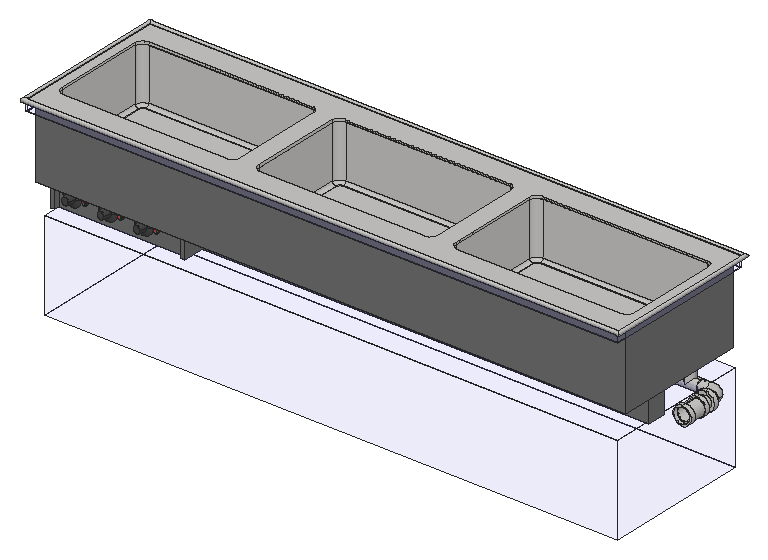
Revit family "QF_Vollrath_3664230_cat", category Specialty Equipment, Revit 2016
Family settings
  Part Type = Normal
  Round Connector Dimension = Use Radius
  OmniClass Number = 23.40.40.14.14
  OmniClass Title = Food Preparation Equipment
  Work Plane-Based = No
  Always vertical = Yes
  Cut with Voids When Loaded = No
  Shared = No
  Room Calculation Point = No
Parameters
  Width = 5' - 6 7/8"
  Weight in Pounds = 0
  Watts = 0 W
  Waste Water Discharge Temperature [instance] = -459.67 °F
  Volts = 0 V
  URL Cutsheet = ""
  URL = "www.vollrathco.com"
  Status [instance] = ""
  Specification by User [instance] = ""
  Specification by Manufacturer [instance] = ""
  Serial Number [instance] = ""
  Seismic Rating [instance] = ""
  SMACNA No [instance] = ""
  Revision Code [instance] = ""
  Remote Control Box [instance] = no
  Pnet Number = ""
  Plumbing Remarks [instance] = ""
  Plumbing Connection Type [instance] = ""
  Phase = 0
  Number of Poles = 1
  NAFEM Spec ID Number [instance] = ""
  Mounted Control Box [instance] = not(Remote Control Box)  # yes
  Model = "-"
  Masterspec [instance] = ""
  Manufacturer1 = ""
  Manufacturer Model = ""
  Manufacturer = "Vollrath"
  Length = 0' - 0"
  Legend Number = ""
  Item Number [instance] = "-"
  Item Description = ""
  Installed By [instance] = ""
  Indirect Waste Size = 1"
  Indirect Waste Flow [instance] = 0.00 GPM
  Indirect Waste Connection Type [instance] = ""
  Indirect Waste Connection Height [instance] = Height AFF - 1' 0 3/16"  # 1' - 11 13/16"
  Height AFF [instance] = 3' - 0"
  Height = 1' - 9"
  Furnished By [instance] = ""
  Foodservice Equipment Identifier [instance] = yes
  FL Amps = 0 A
  Electrical Remarks [instance] = ""
  Electric Connection Type [instance] = ""
  Elec Conn RI Height [instance] = 0' - 0"
  Elec Conn Connection Height [instance] = Height AFF - 0' 10"  # 2' - 2"
  EQUIPMENT MARK = ""
  EQUIPMENT DESCRIPTION = ""
  Description = "Short Side Hot Drop-in"
  Depth = 1' - 6"
  Cycle = 60 Hz
  Conn Plug = "-"
  CSI MasterFormat = "11 42 00"
  Auto Fill = no
  Assembly Code = "E1090320"
  Apparent Power = if(Phase = 3, Volts * FL Amps * 1.73, Volts * FL Amps)  # 0 VA
  Actual Weight = 0
  AF Watts = 16 W
  AF Waste Water Discharge Temperature [instance] = -459.67 °F
  AF Volts = 120 V
  AF Plumbing Remarks [instance] = ""
  AF Plumbing Connection Type [instance] = ""
  AF Phase = 1
  AF Number of Poles [instance] = 1
  AF Item Number [instance] = "-"
  AF Indirect Waste Size = 3/8"
  AF Indirect Waste Flow [instance] = 0.00 GPM
  AF Indirect Waste Connection Type [instance] = ""
  AF Indirect Waste Connection Height [instance] = Height AFF - 0' 2 1/2"  # 2' - 9 1/2"
  AF FL Amps = 0.2 A
  AF Electrical Remarks [instance] = ""
  AF Electric Connection Type [instance] = ""
  AF Elec Conn RI Height [instance] = 0' - 0"
  AF Elec Conn Connection Height [instance] = 2' - 6"
  AF Cycle = 60 Hz
  AF Conn Plug = "NEMA 5-15P"
  AF Cold Water Temperature Recommended [instance] = -459.67 °F
  AF Cold Water Size = 3/8"
  AF Cold Water RI Height [instance] = 0' - 0"
  AF Cold Water Minimum Pressure [instance] = 0.00 psi
  AF Cold Water Maximum Pressure [instance] = 0.00 psi
  AF Cold Water Flow [instance] = 0.00 GPM
  AF Cold Water Consumption [instance] = ""
  AF Cold Water Connection Height [instance] = Height AFF - 0' 8"  # 2' - 4"
  AF Apparent Power = AF Volts * AF FL Amps  # 24 VA
Reference planes (in)
  plane 1 "BACK": y = 0
  plane 2: z = 0
  plane 3 "LEFT": x = -15.489587
  plane 4 "RIGHT": x = 51.385413
  plane 5 "FRONT": y = -18
  plane 6 "Table Top": z = 36
  plane 7 "TOP": z = 36.375
  plane 8: y = -3
  plane 9: y = -15
  plane 10: x = -13.989587
  plane 11: x = 6.010413
  plane 12 "Bottom of Well": z = 29.625
  plane 13 "Bottom of Well Cover": z = 27.5
  plane 14: y = -1.5
  plane 15: y = -16.5
  plane 16: x = -14.989587
  plane 17: x = 50.885413
  plane 18 "Standard Drain": z = 23.75
  plane 19 "Drain FB": x = 4.010413
  plane 20 "Drain LR": y = -4
  plane 21: z = 24.5
  plane 22: z = 21.5
  plane 23 "Back of Panel": y = -12.5
  plane 24: y = -10.5
  plane 25: x = -14.489587
  plane 26: x = 50.322913
  plane 27 "Manifold Drain Top": z = 24.25
  plane 28 "Front of Panel": y = -14.5
  plane 29: x = 0.510413
  plane 30: x = 8.010413
  plane 31: x = 28.010413
  plane 32: x = 26.010413
  plane 33: x = 30.010413
  plane 34: x = 50.010413
  plane 35: x = 48.010413
  plane 36: z = 14.5
Forms (in)
  Sweep 1, solid, material "QF_Finishes_Stainless Steel"
    path origin (0, 0, 36) x (0, 1, 0) y (-1, 0, 0)
      loop
        line (0, 15.489587) -> (-18, 15.489587) -> (-18, -51.385413) -> (0, -51.385413) -> (0, 15.489587)
    profile origin (17.947913, 0, 36) x (0, 1, 0) y (0, 0, 1)
      loop
        line (-0.3712117, 0) -> (-0.1875, 0)
        arc (-0.1875, 0) -> (-0.0422631, 0.3060854) -> (-0.3712117, 0.225) r 0.1875
        line (-0.3712117, 0.225) -> (-0.3712117, 0)
  Sweep 2, solid, material "QF_Finishes_Stainless Steel"
    path origin (0, 0, 36) x (0, 1, 0) y (-1, 0, 0)
      loop
        arc (-3, 13.114587) -> (-3.2562816, 13.7333055) -> (-3.875, 13.989587) r 0.875
        line (-3.875, 13.989587) -> (-14.125, 13.989587)
        arc (-14.125, 13.989587) -> (-14.7437184, 13.7333055) -> (-15, 13.114587) r 0.875
        line (-15, 13.114587) -> (-15, -5.135413)
        arc (-15, -5.135413) -> (-14.7437184, -5.7541314) -> (-14.125, -6.010413) r 0.875
        line (-14.125, -6.010413) -> (-3.875, -6.010413)
        arc (-3.875, -6.010413) -> (-3.2562816, -5.7541314) -> (-3, -5.135413) r 0.875
        line (-3, -5.135413) -> (-3, 13.114587)
    profile origin (-3.989587, -3, 36) x (0, 1, 0) y (0, 0, 1)
      loop
        line (0, 0) -> (0, -5.875)
        arc (0, -5.875) -> (-0.109835, -6.140165) -> (-0.375, -6.25) r 0.375
        line (-0.375, -6.25) -> (-0.375, -6.375)
        arc (-0.375, -6.375) -> (-0.0214466, -6.2285534) -> (0.125, -5.875) r 0.5
        line (0.125, -5.875) -> (0.125, 0) -> (0, 0)
  Extrusion 3, solid, material "QF_Finishes_Stainless Steel"
    sketch origin (0, 0, 29.625) x (0, 1, 0) y (-1, 0, 0)
      loop
        arc (-3.375, 13.114587) -> (-3.5214466, 13.4681404) -> (-3.875, 13.614587) r 0.5
        line (-3.875, 13.614587) -> (-14.125, 13.614587)
        arc (-14.125, 13.614587) -> (-14.4785534, 13.4681404) -> (-14.625, 13.114587) r 0.5
        line (-14.625, 13.114587) -> (-14.625, -5.135413)
        arc (-14.625, -5.135413) -> (-14.4785534, -5.4889664) -> (-14.125, -5.635413) r 0.5
        line (-14.125, -5.635413) -> (-3.875, -5.635413)
        arc (-3.875, -5.635413) -> (-3.5214466, -5.4889664) -> (-3.375, -5.135413) r 0.5
        line (-3.375, -5.135413) -> (-3.375, 13.114587)
      loop
        circle (-4, -4.010413) r 0.5
    from 0 to 0.125
  Extrusion 4, solid, material "QF_Finishes_Dark Grey"
    sketch origin (0, 0, 27.5) x (0, 1, 0) y (-1, 0, 0)
      loop
        line (-1.625, 14.864587) -> (-16.375, 14.864587) -> (-16.375, -50.760413) -> (-1.625, -50.760413) -> (-1.625, 14.864587)
      loop
        circle (-4, -4.010413) r 0.5
      loop
        circle (-4, -26.010413) r 0.5
    from 0 to 0.125
  Extrusion 5, solid, material "QF_Finishes_Dark Grey"
    sketch origin (0, 0, 27.5) x (0, 1, 0) y (-1, 0, 0)
      loop
        line (-1.5, 14.989587) -> (-16.5, 14.989587) -> (-16.5, -50.885413) -> (-1.5, -50.885413) -> (-1.5, 14.989587)
      loop
        line (-1.625, 14.864587) -> (-16.375, 14.864587) -> (-16.375, -50.760413) -> (-1.625, -50.760413) -> (-1.625, 14.864587)
    from 0 to 8.5
  Extrusion 6, solid, material "QF_Finishes_Stainless Steel"
    sketch origin (0, 0, 27.5) x (0, 1, 0) y (-1, 0, 0)
      loop
        circle (-4, -4.010413) r 0.5
      loop
        circle (-4, -4.010413) r 0.625
    from -3.25 to 2.125
  Extrusion 7, solid, material "QF_Finishes_Dark Grey"
    sketch origin (-15.489587, 0, 0) x (0, 1, 0) y (0, 0, 1)
      loop
        line (-10.5, 27.5) -> (-12.5, 27.5) -> (-12.5, 24.5) -> (-10.5, 24.5) -> (-10.5, 27.5)
    from 1 to 65.8125
  Extrusion 8, solid, material "QF_Finishes_Dark Grey", visible <- "Mounted Control Box"
    sketch origin (0, 0, 27.5) x (0, 1, 0) y (-1, 0, 0)
      loop
        line (-12.5, 14.489587) -> (-15, 14.489587) -> (-15, 13.989587) -> (-14.5, 13.989587) -> (-14.5, -0.010413) -> (-15, -0.010413) -> (-15, -0.510413) -> (-12.5, -0.510413) -> (-12.5, 14.489587)
    from 0 to -3
  Blend 9, solid, material "QF_Finishes_Black", visible <- "Mounted Control Box"
    base sketch origin (-16, -14.5, 0) x (-1, 0, 0) y (0, 0, 1)
      loop
        circle (-3.510413, 26) r 1
    top sketch origin (-16, -14.5, 0) x (-1, 0, 0) y (0, 0, 1)
      loop
        circle (-3.510413, 26) r 0.5
    from 0 to -0.25
  Blend 10, solid, material "QF_Finishes_Black", visible <- "Mounted Control Box"
    base sketch origin (-16, -14.5, 0) x (-1, 0, 0) y (0, 0, 1)
      loop
        circle (-3.510413, 26) r 0.5
    top sketch origin (-16, -14.5, 0) x (-1, 0, 0) y (0, 0, 1)
      loop
        circle (-3.510413, 26) r 0.375
    from -0.25 to -1
  Extrusion 11, solid, material "QF_Finishes_Black", visible <- "Mounted Control Box"
    sketch origin (-16, -14.5, 0) x (-1, 0, 0) y (0, 0, 1)
      loop
        circle (-5.010413, 26) r 0.25
    from 0 to -0.125
  Extrusion 12, solid, material "QF_Finishes_Red", visible <- "Mounted Control Box"
    sketch origin (-16, -14.5, 0) x (-1, 0, 0) y (0, 0, 1)
      loop
        circle (-5.010413, 26) r 0.1875
    from -0.125 to -0.25
  Extrusion 13, solid, material "QF_Finishes_Stainless Steel"
    sketch origin (13.25, 0, 29.625) x (0, 1, 0) y (-1, 0, 0)
      loop
        arc (-3.375, 4.364587) -> (-3.5214466, 4.7181404) -> (-3.875, 4.864587) r 0.5
        line (-3.875, 4.864587) -> (-14.125, 4.864587)
        arc (-14.125, 4.864587) -> (-14.4785534, 4.7181404) -> (-14.625, 4.364587) r 0.5
        line (-14.625, 4.364587) -> (-14.625, -13.885413)
        arc (-14.625, -13.885413) -> (-14.4785534, -14.2389664) -> (-14.125, -14.385413) r 0.5
        line (-14.125, -14.385413) -> (-3.875, -14.385413)
        arc (-3.875, -14.385413) -> (-3.5214466, -14.2389664) -> (-3.375, -13.885413) r 0.5
        line (-3.375, -13.885413) -> (-3.375, 4.364587)
      loop
        circle (-4, -12.760413) r 0.5
    from 0 to 0.125
  Blend 14, solid, material "QF_Finishes_Black", visible <- "Mounted Control Box"
    base sketch origin (-12, -14.5, 0) x (-1, 0, 0) y (0, 0, 1)
      loop
        circle (-7.510413, 26) r 1
    top sketch origin (-12, -14.5, 0) x (-1, 0, 0) y (0, 0, 1)
      loop
        circle (-7.510413, 26) r 0.5
    from 0 to -0.25
  Blend 15, solid, material "QF_Finishes_Black", visible <- "Mounted Control Box"
    base sketch origin (-12, -14.5, 0) x (-1, 0, 0) y (0, 0, 1)
      loop
        circle (-7.510413, 26) r 0.5
    top sketch origin (-12, -14.5, 0) x (-1, 0, 0) y (0, 0, 1)
      loop
        circle (-7.510413, 26) r 0.375
    from -0.25 to -1
  Extrusion 16, solid, material "QF_Finishes_Black", visible <- "Mounted Control Box"
    sketch origin (4, -14.5, 0) x (-1, 0, 0) y (0, 0, 1)
      loop
        circle (6.989587, 26) r 0.25
    from 0 to -0.125
  Extrusion 17, solid, material "QF_Finishes_Red", visible <- "Mounted Control Box"
    sketch origin (4, -14.5, 0) x (-1, 0, 0) y (0, 0, 1)
      loop
        circle (6.989587, 26) r 0.1875
    from -0.125 to -0.25
  Sweep 18, solid, material "QF_Finishes_Stainless Steel"
    path origin (13.25, 0, 36) x (0, 1, 0) y (-1, 0, 0)
      loop
        arc (-3, 4.364587) -> (-3.2562816, 4.9833055) -> (-3.875, 5.239587) r 0.875
        line (-3.875, 5.239587) -> (-14.125, 5.239587)
        arc (-14.125, 5.239587) -> (-14.7437184, 4.9833055) -> (-15, 4.364587) r 0.875
        line (-15, 4.364587) -> (-15, -13.885413)
        arc (-15, -13.885413) -> (-14.7437184, -14.5041314) -> (-14.125, -14.760413) r 0.875
        line (-14.125, -14.760413) -> (-3.875, -14.760413)
        arc (-3.875, -14.760413) -> (-3.2562816, -14.5041314) -> (-3, -13.885413) r 0.875
        line (-3, -13.885413) -> (-3, 4.364587)
    profile origin (18.010413, -3, 36) x (0, 1, 0) y (0, 0, 1)
      loop
        line (0, 0) -> (0, -5.875)
        arc (0, -5.875) -> (-0.109835, -6.140165) -> (-0.375, -6.25) r 0.375
        line (-0.375, -6.25) -> (-0.375, -6.375)
        arc (-0.375, -6.375) -> (-0.0214466, -6.2285534) -> (0.125, -5.875) r 0.5
        line (0.125, -5.875) -> (0.125, 0) -> (0, 0)
  Extrusion 19, solid, material "QF_Finishes_Stainless Steel"
    sketch origin (13.25, 0, 27.5) x (0, 1, 0) y (-1, 0, 0)
      loop
        circle (-4, -12.760413) r 0.5
      loop
        circle (-4, -12.760413) r 0.625
    from -3.25 to 2.125
  Sweep 20, solid, material "QF_Finishes_Stainless Steel"
    path origin (0.0116054, -4.0016118, 0) x (-1, 0, 0) y (0, 0, 1)
      loop
        line (-49.3386513, 24.25) -> (-2.697913, 24.25)
    profile origin (26.0298876, -4.0016118, 24.25) x (0, 0, 1) y (0, 1, 0)
      loop
        circle (0, 0) r 0.5
      loop
        circle (0, 0) r 0.625
  Extrusion 21, solid, material "QF_Finishes_Stainless Steel"
    sketch origin (4.2720184, -0.0016118, 0) x (0, 1, 0) y (0, 0, 1)
      loop
        circle (-4, 24.25) r 0.5
    from -1.5625 to -1.4375
  Revolve 22, solid, material "QF_Finishes_Stainless Steel"
    sketch origin (51.385413, 0, 0) x (0, 1, 0) y (0, 0, 1)
      loop
        line (-5.4703618, 24.7712902) -> (-5.4703618, 25.2712902) -> (-5.9703618, 25.2712902) -> (-5.9703618, 24.8962902) -> (-6.7203618, 24.8962902) -> (-6.7203618, 25.2712902) -> (-7.2203618, 25.2712902) -> (-7.2203618, 25.1462902) -> (-8.7203618, 25.1462902) -> (-8.7203618, 25.2712902) -> (-9.2203618, 25.2712902) -> (-9.2203618, 25.1462902) -> (-8.8453618, 25.1462902) -> (-8.8453618, 25.0212902) -> (-7.0953618, 25.0212902) -> (-7.0953618, 25.1462902) -> (-6.8453618, 25.1462902) -> (-6.8453618, 24.7712902) -> (-5.8453618, 24.7712902) -> (-5.8453618, 25.1462902) -> (-5.5953618, 25.1462902) -> (-5.5953618, 24.7712902) -> (-5.4703618, 24.7712902)
      axis (-9.2203618, 24.25) -> (-5.4703618, 24.25)
    angle from 0 to 360
  Sweep 23, solid, material "QF_Finishes_Stainless Steel"
    path origin (0, 0, 24.25) x (0, 1, 0) y (-1, 0, 0)
      loop
        line (-4.0016118, -49.3502567) -> (-4.0016118, -50.385413)
        arc (-4.0016118, -50.385413) -> (-4.294505, -51.0925198) -> (-5.0016118, -51.385413) r 1
        line (-5.0016118, -51.385413) -> (-5.5016118, -51.385413)
    profile origin (49.8678348, -4.0016118, 24.25) x (0, 1, 0) y (0, 0, 1)
      loop
        circle (0, 0) r 0.5
      loop
        circle (0, 0) r 0.6462902
  Extrusion 24, solid, material "QF_Finishes_Stainless Steel", visible <- "Auto Fill"
    sketch origin (-20.208337, -1.5, 0) x (-1, 0, 0) y (0, 0, -1)
      loop
        line (-24.25, -35) -> (-9.21875, -35) -> (-9.21875, -32) -> (-24.25, -32) -> (-24.25, -35)
    from 0 to -3.9375
  Extrusion 25, solid, material "QF_Finishes_Stainless Steel", visible <- "Auto Fill"
    sketch origin (-20.208337, -1.5, 0) x (-1, 0, 0) y (0, 0, -1)
      loop
        line (-5.21875, -32) -> (-5.21875, -27.90625) -> (-9.21875, -27.90625) -> (-9.21875, -32) -> (-5.21875, -32)
    from 0 to -2.5
  Extrusion 26, solid, material "QF_Finishes_Stainless Steel", visible <- "Auto Fill"
    sketch origin (4.041663, -16.489587, 0) x (0, 1, 0) y (0, 0, -1)
      loop
        circle (16.958337, -34.5) r 0.1875
    from 0 to -0.0625
  Extrusion 27, solid, material "QF_Finishes_Stainless Steel", visible <- "Auto Fill"
    sketch origin (-14.989587, -16.489587, 0) x (0, 1, 0) y (0, 0, -1)
      loop
        circle (16.239587, -30.96875) r 0.1875
      loop
        circle (16.239587, -28.9375) r 0.1875
    from 0 to 0.0625
  Extrusion 28, solid, material "QF_Finishes_Stainless Steel"
    sketch origin (35.25, 0, 29.625) x (0, 1, 0) y (-1, 0, 0)
      loop
        arc (-3.375, 4.364587) -> (-3.5214466, 4.7181404) -> (-3.875, 4.864587) r 0.5
        line (-3.875, 4.864587) -> (-14.125, 4.864587)
        arc (-14.125, 4.864587) -> (-14.4785534, 4.7181404) -> (-14.625, 4.364587) r 0.5
        line (-14.625, 4.364587) -> (-14.625, -13.885413)
        arc (-14.625, -13.885413) -> (-14.4785534, -14.2389664) -> (-14.125, -14.385413) r 0.5
        line (-14.125, -14.385413) -> (-3.875, -14.385413)
        arc (-3.875, -14.385413) -> (-3.5214466, -14.2389664) -> (-3.375, -13.885413) r 0.5
        line (-3.375, -13.885413) -> (-3.375, 4.364587)
      loop
        circle (-4, -12.760413) r 0.5
    from 0 to 0.125
  Sweep 29, solid, material "QF_Finishes_Stainless Steel"
    path origin (35.25, 0, 36) x (0, 1, 0) y (-1, 0, 0)
      loop
        arc (-3, 4.364587) -> (-3.2562816, 4.9833055) -> (-3.875, 5.239587) r 0.875
        line (-3.875, 5.239587) -> (-14.125, 5.239587)
        arc (-14.125, 5.239587) -> (-14.7437184, 4.9833055) -> (-15, 4.364587) r 0.875
        line (-15, 4.364587) -> (-15, -13.885413)
        arc (-15, -13.885413) -> (-14.7437184, -14.5041314) -> (-14.125, -14.760413) r 0.875
        line (-14.125, -14.760413) -> (-3.875, -14.760413)
        arc (-3.875, -14.760413) -> (-3.2562816, -14.5041314) -> (-3, -13.885413) r 0.875
        line (-3, -13.885413) -> (-3, 4.364587)
    profile origin (40.010413, -3, 36) x (0, 1, 0) y (0, 0, 1)
      loop
        line (0, 0) -> (0, -5.875)
        arc (0, -5.875) -> (-0.109835, -6.140165) -> (-0.375, -6.25) r 0.375
        line (-0.375, -6.25) -> (-0.375, -6.375)
        arc (-0.375, -6.375) -> (-0.0214466, -6.2285534) -> (0.125, -5.875) r 0.5
        line (0.125, -5.875) -> (0.125, 0) -> (0, 0)
  Extrusion 30, solid, material "QF_Finishes_Stainless Steel"
    sketch origin (35.25, 0, 27.5) x (0, 1, 0) y (-1, 0, 0)
      loop
        circle (-4, -12.760413) r 0.5
      loop
        circle (-4, -12.760413) r 0.625
    from -3.25 to 2.125
  Blend 31, solid, material "QF_Finishes_Black", visible <- "Mounted Control Box"
    base sketch origin (-16, -14.5, 0) x (-1, 0, 0) y (0, 0, 1)
      loop
        circle (-7.510413, 26) r 1
    top sketch origin (-16, -14.5, 0) x (-1, 0, 0) y (0, 0, 1)
      loop
        circle (-7.510413, 26) r 0.5
    from 0 to -0.25
  Blend 32, solid, material "QF_Finishes_Black", visible <- "Mounted Control Box"
    base sketch origin (-16, -14.5, 0) x (-1, 0, 0) y (0, 0, 1)
      loop
        circle (-7.510413, 26) r 0.5
    top sketch origin (-16, -14.5, 0) x (-1, 0, 0) y (0, 0, 1)
      loop
        circle (-7.510413, 26) r 0.375
    from -0.25 to -1
  Extrusion 33, solid, material "QF_Finishes_Black", visible <- "Mounted Control Box"
    sketch origin (0, -14.5, 0) x (-1, 0, 0) y (0, 0, 1)
      loop
        circle (6.989587, 26) r 0.25
    from 0 to -0.125
  Extrusion 34, solid, material "QF_Finishes_Red", visible <- "Mounted Control Box"
    sketch origin (0, -14.5, 0) x (-1, 0, 0) y (0, 0, 1)
      loop
        circle (6.989587, 26) r 0.1875
    from -0.125 to -0.25
  Extrusion 35, solid, material "QF_Finishes_Stainless Steel"
    sketch origin (0, 0, 36) x (0, 1, 0) y (-1, 0, 0)
      loop
        arc (-3, 13.114587) -> (-3.2562816, 13.7333055) -> (-3.875, 13.989587) r 0.875
        line (-3.875, 13.989587) -> (-14.125, 13.989587)
        arc (-14.125, 13.989587) -> (-14.7437184, 13.7333055) -> (-15, 13.114587) r 0.875
        line (-15, 13.114587) -> (-15, -5.135413)
        arc (-15, -5.135413) -> (-14.7437184, -5.7541314) -> (-14.125, -6.010413) r 0.875
        line (-14.125, -6.010413) -> (-3.875, -6.010413)
        arc (-3.875, -6.010413) -> (-3.2562816, -5.7541314) -> (-3, -5.135413) r 0.875
        line (-3, -5.135413) -> (-3, 13.114587)
      loop
        line (-0.3712117, 15.1183753) -> (-17.6287883, 15.1183753) -> (-17.6287883, -51.0142012) -> (-0.3712117, -51.0142012) -> (-0.3712117, 15.1183753)
      loop
        arc (-3, -8.885413) -> (-3.2562816, -8.2666945) -> (-3.875, -8.010413) r 0.875
        line (-3.875, -8.010413) -> (-14.125, -8.010413)
        arc (-14.125, -8.010413) -> (-14.7437184, -8.2666945) -> (-15, -8.885413) r 0.875
        line (-15, -8.885413) -> (-15, -27.135413)
        arc (-15, -27.135413) -> (-14.7437184, -27.7541314) -> (-14.125, -28.010413) r 0.875
        line (-14.125, -28.010413) -> (-3.875, -28.010413)
        arc (-3.875, -28.010413) -> (-3.2562816, -27.7541314) -> (-3, -27.135413) r 0.875
        line (-3, -27.135413) -> (-3, -8.885413)
      loop
        arc (-3, -30.885413) -> (-3.2562816, -30.2666945) -> (-3.875, -30.010413) r 0.875
        line (-3.875, -30.010413) -> (-14.125, -30.010413)
        arc (-14.125, -30.010413) -> (-14.7437184, -30.2666945) -> (-15, -30.885413) r 0.875
        line (-15, -30.885413) -> (-15, -49.135413)
        arc (-15, -49.135413) -> (-14.7437184, -49.7541314) -> (-14.125, -50.010413) r 0.875
        line (-14.125, -50.010413) -> (-3.875, -50.010413)
        arc (-3.875, -50.010413) -> (-3.2562816, -49.7541314) -> (-3, -49.135413) r 0.875
        line (-3, -49.135413) -> (-3, -30.885413)
    from 0 to 0.2265625
  Extrusion 36, solid, material "QF_Finishes_Clearances"
    sketch origin (0, 0, 36) x (0, 1, 0) y (-1, 0, 0)
      loop
        line (-0.375, 15.114587) -> (-17.6875, 15.114587) -> (-17.6875, -51.010413) -> (-0.375, -51.010413) -> (-0.375, 15.114587)
      loop
        line (-0.5, 14.989587) -> (-17.5625, 14.989587) -> (-17.5625, -50.885413) -> (-0.5, -50.885413) -> (-0.5, 14.989587)
    from 0 to -1
  Extrusion 37, solid, material "QF_Finishes_Clearances"
    sketch origin (4.010413, 0, 0) x (0, 1, 0) y (0, 0, 1)
      loop
        line (0, 24.5) -> (-16.5, 24.5) -> (-16.5, 14.5) -> (0, 14.5) -> (0, 24.5)
    from -18 to 46
Lines and regions (in)
  symbolic lines
    curve 1: line (-15.489587, 0, 27.5) -> (51.385413, 0, 27.5)
    curve 2: line (-15.489587, -18, 27.5) -> (-15.489587, 0, 27.5)
    curve 3: line (51.385413, -18, 27.5) -> (-15.489587, -18, 27.5)
    curve 4: line (51.385413, 0, 27.5) -> (51.385413, -18, 27.5)
    curve 5: line (-13.114587, -3, 27.5) -> (5.135413, -3, 27.5)
    curve 6: line (-13.989587, -14.125, 27.5) -> (-13.989587, -3.875, 27.5)
    curve 7: line (5.135413, -15, 27.5) -> (-13.114587, -15, 27.5)
    curve 8: line (6.010413, -3.875, 27.5) -> (6.010413, -14.125, 27.5)
    curve 9: arc (-13.114587, -15, 27.5) -> (-13.7333055, -14.7437184, 27.5) -> (-13.989587, -14.125, 27.5) r 0.875
    curve 10: arc (5.135413, -15, 27.5) -> (5.7541314, -14.7437184, 27.5) -> (6.010413, -14.125, 27.5) r 0.875
    curve 11: arc (-13.989587, -3.875, 27.5) -> (-13.7333055, -3.2562816, 27.5) -> (-13.114587, -3, 27.5) r 0.875
    curve 12: arc (5.135413, -3, 27.5) -> (5.7541314, -3.2562816, 27.5) -> (6.010413, -3.875, 27.5) r 0.875
    curve 13: line (8.885413, -3, 27.5) -> (27.135413, -3, 27.5)
    curve 14: line (8.010413, -14.125, 27.5) -> (8.010413, -3.875, 27.5)
    curve 15: line (27.135413, -15, 27.5) -> (8.885413, -15, 27.5)
    curve 16: line (28.010413, -3.875, 27.5) -> (28.010413, -14.125, 27.5)
    curve 17: arc (8.885413, -15, 27.5) -> (8.2666945, -14.7437184, 27.5) -> (8.010413, -14.125, 27.5) r 0.875
    curve 18: arc (27.135413, -15, 27.5) -> (27.7541314, -14.7437184, 27.5) -> (28.010413, -14.125, 27.5) r 0.875
    curve 19: arc (8.010413, -3.875, 27.5) -> (8.2666945, -3.2562816, 27.5) -> (8.885413, -3, 27.5) r 0.875
    curve 20: arc (27.135413, -3, 27.5) -> (27.7541314, -3.2562816, 27.5) -> (28.010413, -3.875, 27.5) r 0.875
    curve 26: line (30.885413, -3, 27.5) -> (49.135413, -3, 27.5)
    curve 27: line (30.010413, -14.125, 27.5) -> (30.010413, -3.875, 27.5)
    curve 28: line (49.135413, -15, 27.5) -> (30.885413, -15, 27.5)
    curve 29: line (50.010413, -3.875, 27.5) -> (50.010413, -14.125, 27.5)
    curve 30: arc (30.885413, -15, 27.5) -> (30.2666945, -14.7437184, 27.5) -> (30.010413, -14.125, 27.5) r 0.875
    curve 31: arc (49.135413, -15, 27.5) -> (49.7541314, -14.7437184, 27.5) -> (50.010413, -14.125, 27.5) r 0.875
    curve 32: arc (30.010413, -3.875, 27.5) -> (30.2666945, -3.2562816, 27.5) -> (30.885413, -3, 27.5) r 0.875
    curve 33: arc (49.135413, -3, 27.5) -> (49.7541314, -3.2562816, 27.5) -> (50.010413, -3.875, 27.5) r 0.875
  symbolic lines, style "QF_Surface Details", visible <- "Auto Fill"
    curve 21: line (-14.989587, -1, 26.5) -> (-14.989587, 1, 26.5)
    curve 22: line (-14.989587, 1, 26.5) -> (-10.989587, 1, 26.5)
    curve 23: line (-10.989587, -1, 26.5) -> (-10.989587, 2.4375, 26.5)
    curve 24: line (-10.989587, 2.4375, 26.5) -> (4.041663, 2.4375, 26.5)
    curve 25: line (4.041663, 2.4375, 26.5) -> (4.041663, -1, 26.5)
  model lines, style "QF_Cutout"
    curve 34: line (-15.114587, -17.6875, 36.375) -> (-15.114587, -17.6875, 42.375)
    curve 35: line (51.010413, -17.6875, 36.375) -> (51.010413, -17.6875, 42.375)
    curve 36: line (-15.114587, -0.375, 36.375) -> (-15.114587, -0.375, 42.375)
    curve 37: line (51.010413, -0.375, 36.375) -> (51.010413, -0.375, 42.375)
Dimensions and locks (in)
  "Width": plane 3 "LEFT" to plane 4 "RIGHT"
  "Depth": plane 5 "FRONT" to plane 1 "BACK"
  "Height AFF": plane 6 "Table Top" to level
  locked: plane 7 "TOP" to plane 6 "Table Top" at 0.375
  locked: plane 1 "BACK" to plane 8 at 3
  locked: plane 9 to plane 5 "FRONT" at 3
  locked: plane 3 "LEFT" to plane 10 at 1.5
  locked: profile plane to Sweep 1 sketch curve at 0.3712117
  locked: plane 6 "Table Top" to plane 12 "Bottom of Well" at 6.375
  locked: plane 6 "Table Top" to plane 13 "Bottom of Well Cover" at 8.5
  locked: plane 1 "BACK" to plane 14 at 1.5
  locked: plane 15 to plane 5 "FRONT" at 1.5
  locked: plane 3 "LEFT" to plane 16 at 0.5
  locked: plane 17 to plane 4 "RIGHT" at 0.5
  locked: plane 1 "BACK" to plane 20 "Drain LR" at 4
  locked: plane 13 "Bottom of Well Cover" to plane 21 at 3
  locked: plane 21 to plane 22 at 3
  locked: plane 24 to plane 23 "Back of Panel" at 2
  locked: plane 23 "Back of Panel" to plane 5 "FRONT" at 5.5
  locked: plane 16 to plane 25 at 0.5
  locked: plane 26 to plane 17 at 0.5625
  plane 23 "Back of Panel" to plane 28 "Front of Panel" = 0' - 2"
  locked: plane 25 to plane 29 at 15
  locked: plane 25 to Extrusion 8 sketch curve at 0.5
  locked: Extrusion 8 sketch curve to plane 29 at 0.5
  locked: plane 13 "Bottom of Well Cover" to plane 27 "Manifold Drain Top" at 3.25
  locked: plane 13 "Bottom of Well Cover" to plane 18 "Standard Drain" at 3.75
  locked: plane 10 to plane 11 at 20
  locked: plane 30 to plane 31 at 20
  locked: plane 32 to plane 31 at 2
  locked: plane 19 "Drain FB" to plane 11 at 2
  locked: plane 11 to plane 30 at 2
  locked: plane 33 to plane 34 at 20
  locked: plane 35 to plane 34 at 2
  plane 31 to plane 33 = 0' - 2"
  locked: plane 6 "Table Top" to Extrusion 24 sketch curve at 1
  locked: plane 6 "Table Top" to Extrusion 24 sketch curve at 4
  locked: plane 6 "Table Top" to Extrusion 25 sketch curve at 4
  locked: plane 6 "Table Top" to Extrusion 25 sketch curve at 8.09375
  locked: plane 13 "Bottom of Well Cover" to Blend 9 sketch curve at 1.5  (x2)
  locked: Blend 9 sketch curve to plane 25 at 2  (x2)
  locked: Blend 10 sketch curve to plane 25 at 2
  locked: plane 13 "Bottom of Well Cover" to Blend 10 sketch curve at 1.5
  locked: plane 13 "Bottom of Well Cover" to Extrusion 11 sketch curve at 1.5
  locked: Extrusion 11 sketch curve to plane 25 at 3.5
  locked: plane 13 "Bottom of Well Cover" to Extrusion 12 sketch curve at 1.5
  locked: Extrusion 12 sketch curve to plane 25 at 3.5
  locked: plane 13 "Bottom of Well Cover" to Blend 31 sketch curve at 1.5  (x2)
  locked: Blend 31 sketch curve to plane 25 at 6  (x2)
  locked: plane 13 "Bottom of Well Cover" to Blend 32 sketch curve at 1.5
  locked: Blend 32 sketch curve to plane 25 at 6
  locked: Extrusion 33 sketch curve to plane 25 at 7.5
  locked: plane 13 "Bottom of Well Cover" to Extrusion 33 sketch curve at 1.5
  locked: Extrusion 34 sketch curve to plane 25 at 7.5
  locked: plane 13 "Bottom of Well Cover" to Extrusion 34 sketch curve at 1.5
  locked: plane 13 "Bottom of Well Cover" to Blend 14 sketch curve at 1.5  (x2)
  locked: Blend 14 sketch curve to plane 25 at 10  (x2)
  locked: plane 13 "Bottom of Well Cover" to Blend 15 sketch curve at 1.5
  locked: Blend 15 sketch curve to plane 25 at 10
  locked: Extrusion 16 sketch curve to plane 25 at 11.5
  locked: plane 13 "Bottom of Well Cover" to Extrusion 16 sketch curve at 1.5
  locked: plane 13 "Bottom of Well Cover" to Extrusion 17 sketch curve at 1.5
  locked: Extrusion 17 sketch curve to plane 25 at 11.5
  locked: plane 6 "Table Top" to Extrusion 27 sketch curve at 7.0625
  locked: Extrusion 27 sketch curve to plane 14 at 1.25
  locked: Extrusion 27 sketch curve to Extrusion 27 sketch curve at 2.03125
  locked: plane 6 "Table Top" to Extrusion 26 sketch curve at 1.5
  locked: Extrusion 26 sketch curve to plane 14 at 1.96875
  locked: Extrusion 36 sketch curve to plane 1 "BACK" at 0.375
  locked: plane 3 "LEFT" to Extrusion 36 sketch curve at 0.375
  locked: plane 5 "FRONT" to Extrusion 36 sketch curve at 0.3125
  locked: Extrusion 36 sketch curve to plane 4 "RIGHT" at 0.375
  locked: Extrusion 36 sketch curve to Extrusion 36 sketch curve at 0.125  (x4)
  locked: plane 6 "Table Top" to plane 36 at 21.5
  plane 5 "FRONT" to Extrusion 37 sketch curve to Extrusion 37 sketch curve = 0' - 1 1/2", 1' - 4 1/2"
  aligned and locked: level to plane 2
  aligned and locked: Sweep 1 sketch curve to profile plane
  aligned and locked: plane 1 "BACK" to Sweep 1 sketch curve
  aligned and locked: plane 3 "LEFT" to Sweep 1 sketch curve
  aligned and locked: Sweep 1 sketch curve to plane 5 "FRONT"
  aligned and locked: Sweep 1 sketch curve to plane 4 "RIGHT"
  aligned and locked: Sweep 2 sketch curve to plane 8
  aligned and locked: plane 10 to Sweep 2 sketch curve
  aligned and locked: plane 9 to Sweep 2 sketch curve
  aligned and locked: plane 11 to Sweep 2 sketch curve
  aligned and locked: plane 8 to Sweep 2 sketch curve
  aligned and locked: Sweep 2 sketch curve to plane 6 "Table Top"
  aligned and locked: Extrusion 3 sketch curve to Sweep 2  (x2)
  aligned and locked: Sweep 2 to Extrusion 3 sketch curve  (x2)
  aligned and locked: Extrusion 3 to Sweep 2
  aligned and locked: Extrusion 4 sketch curve to Extrusion 3  (x2)
  aligned and locked: plane 16 to Extrusion 5 sketch curve
  aligned and locked: Extrusion 5 sketch curve to plane 14
  aligned and locked: Extrusion 5 sketch curve to plane 17
  aligned and locked: plane 15 to Extrusion 5 sketch curve
  aligned and locked: plane 6 "Table Top" to Extrusion 5
  aligned and locked: Extrusion 4 sketch curve to Extrusion 5  (x4)
  aligned and locked: Extrusion 6 sketch curve to Extrusion 3  (x2)
  aligned and locked: plane 12 "Bottom of Well" to Extrusion 6
  aligned and locked: Extrusion 7 sketch curve to plane 13 "Bottom of Well Cover"
  aligned and locked: plane 23 "Back of Panel" to Extrusion 7 sketch curve
  aligned and locked: Extrusion 7 sketch curve to plane 24
  aligned and locked: plane 21 to Extrusion 7 sketch curve
  aligned and locked: Extrusion 7 to plane 25
  aligned and locked: plane 26 to Extrusion 7
  aligned and locked: Extrusion 8 sketch curve to plane 23 "Back of Panel"
  aligned and locked: Extrusion 8 sketch curve to plane 29
  aligned and locked: Extrusion 8 sketch curve to plane 25
  aligned and locked: plane 28 "Front of Panel" to Extrusion 8 sketch curve
  aligned and locked: Extrusion 8 to plane 21
  aligned and locked: Blend 10 sketch curve to Blend 9  (x2)
  aligned and locked: plane 1 "BACK" to curve 1
  aligned and locked: plane 3 "LEFT" to curve 2
  aligned and locked: curve 4 to plane 4 "RIGHT"
  aligned and locked: curve 3 to plane 5 "FRONT"
  aligned and locked: curve 5 to plane 8
  aligned and locked: plane 11 to curve 8
  aligned and locked: plane 10 to curve 6
  aligned and locked: plane 9 to curve 7
  aligned and locked: Blend 15 sketch curve to Blend 14  (x2)
  aligned and locked: Sweep 23 to Sweep 20 sketch curve
  aligned and locked: Extrusion 13 sketch curve to Sweep 18  (x2)
  aligned and locked: Blend 32 sketch curve to Blend 31  (x2)
  aligned and locked: Sweep 1 to Extrusion 35 sketch curve  (x4)
  aligned and locked: plane 9 to Extrusion 35 sketch curve  (x3)
  aligned and locked: Extrusion 35 sketch curve to plane 8  (x3)
  aligned and locked: plane 10 to Extrusion 35 sketch curve
  aligned and locked: plane 11 to Extrusion 35 sketch curve
  aligned and locked: Extrusion 35 sketch curve to plane 30
  aligned and locked: plane 31 to Extrusion 35 sketch curve
  aligned and locked: Extrusion 35 sketch curve to plane 33
  aligned and locked: plane 34 to Extrusion 35 sketch curve
  aligned and locked: Extrusion 36 to Extrusion 24
  aligned and locked: Extrusion 37 sketch curve to plane 36
  aligned and locked: Extrusion 37 to plane 10
  aligned and locked: Extrusion 37 to plane 34
Automatic sketch dimensions
  plane 28 "Front of Panel" to Sweep 2 sketch curve = 0' - 0 3/8"  (x2)
  plane 20 "Drain LR" to Sweep 2 sketch curve = 0' - 0 1/8"  (x2)
  plane 15 to Extrusion 5 sketch curve = 0' - 0 1/8"
  Extrusion 5 sketch curve to plane 14 = 0' - 0 1/8"
  Extrusion 5 sketch curve to plane 17 = 0' - 0 1/8"
  plane 16 to Extrusion 5 sketch curve = 0' - 0 1/8"
  Extrusion 8 sketch curve to plane 9 = 0' - 0"  (x2)
  Sweep 18 sketch curve to plane 9 = 0' - 0"
  Sweep 18 sketch curve to plane 30 = 0' - 0"
  Sweep 18 sketch curve to plane 31 = 0' - 0"
  Sweep 18 sketch curve to plane 8 = 0' - 0"
  plane 28 "Front of Panel" to Sweep 18 sketch curve = 0' - 0 3/8"  (x2)
  plane 20 "Drain LR" to Sweep 18 sketch curve = 0' - 0 1/8"  (x2)
  Extrusion 19 sketch curve to Extrusion 19 sketch curve = 0' - 0"  (x12)
  Extrusion 19 sketch curve to plane 32 = 0' - 0"
  Extrusion 19 sketch curve to plane 20 "Drain LR" = 0' - 0"
  Extrusion 19 sketch curve to plane 20 "Drain LR" = 0' - 0 1/2"
  Extrusion 19 sketch curve to Extrusion 19 sketch curve = 0' - 0 1/8"
  plane 34 to Sweep 20 sketch curve = 0' - 0 169/256"
  Sweep 20 sketch curve to plane 19 "Drain FB" = 0' - 1.30089"
  Sweep 20 sketch curve to Sweep 20 sketch curve = 0' - 0"  (x2)
  profile plane to Sweep 20 sketch curve = 0' - 0"
  Sweep 20 sketch curve to profile plane = 0' - 0"
  Extrusion 21 sketch curve to plane 27 "Manifold Drain Top" = 0' - 0"
  Extrusion 21 sketch curve to plane 20 "Drain LR" = 0' - 0.00161"
  Sweep 23 sketch curve to plane 4 "RIGHT" = 0' - 0"
  Sweep 23 sketch curve to plane 20 "Drain LR" = 0' - 1.50161"
  Sweep 23 sketch curve to Sweep 23 sketch curve = 0' - 0 1/2"
  Sweep 23 sketch curve to plane 20 "Drain LR" = 0' - 0.00161"
  plane 34 to Sweep 23 sketch curve = 0' - 0 169/256"
  Sweep 23 sketch curve to Sweep 23 sketch curve = 0' - 0"  (x2)
  Sweep 23 sketch curve to plane 27 "Manifold Drain Top" = 0' - 0"
  Sweep 23 sketch curve to profile plane = 0' - 0"
  curve 21 to plane 16 = 0' - 0"
  plane 14 to curve 21 = 0' - 0 1/2"
  plane 19 "Drain FB" to curve 25 = 0' - 0 1/32"
  plane 14 to curve 25 = 0' - 0 1/2"
  plane 14 to curve 23 = 0' - 0 1/2"
  curve 22 to plane 1 "BACK" = 0' - 1"
  curve 24 to plane 1 "BACK" = 0' - 2 7/16"
  plane 10 to curve 22 = 0' - 3"
  plane 19 "Drain FB" to Extrusion 24 sketch curve = 0' - 0 1/32"
  plane 10 to Extrusion 24 sketch curve = 0' - 3"
  Extrusion 25 sketch curve to plane 16 = 0' - 0"
  plane 10 to Extrusion 25 sketch curve = 0' - 3"
  plane 1 "BACK" to Extrusion 27 sketch curve = 0' - 0 1/4"
  Extrusion 28 sketch curve to plane 20 "Drain LR" = 0' - 0"
  Extrusion 28 sketch curve to plane 35 = 0' - 0"
  plane 28 "Front of Panel" to Extrusion 28 sketch curve = 0' - 0 3/8"  (x2)
  Extrusion 28 sketch curve to plane 28 "Front of Panel" = 0' - 0 1/8"
  plane 20 "Drain LR" to Extrusion 28 sketch curve = 0' - 0 1/8"  (x2)
  Extrusion 28 sketch curve to plane 8 = 0' - 0 3/8"
  plane 34 to Extrusion 28 sketch curve = 0' - 0 7/8"
  Extrusion 28 sketch curve to plane 33 = 0' - 0 7/8"
  Sweep 29 sketch curve to plane 9 = 0' - 0"
  Sweep 29 sketch curve to plane 33 = 0' - 0"
  Sweep 29 sketch curve to plane 34 = 0' - 0"
  Sweep 29 sketch curve to plane 8 = 0' - 0"
  plane 28 "Front of Panel" to Sweep 29 sketch curve = 0' - 0 3/8"  (x2)
  plane 20 "Drain LR" to Sweep 29 sketch curve = 0' - 0 1/8"  (x2)
  Extrusion 30 sketch curve to Extrusion 30 sketch curve = 0' - 0"  (x12)
  Extrusion 30 sketch curve to plane 35 = 0' - 0"
  Extrusion 30 sketch curve to plane 20 "Drain LR" = 0' - 0"
  Extrusion 30 sketch curve to plane 20 "Drain LR" = 0' - 0 1/2"
  Extrusion 30 sketch curve to Extrusion 30 sketch curve = 0' - 0 1/8"
  curve 30 to plane 9 = 0' - 0"
  curve 15 to plane 9 = 0' - 0"
  curve 18 to plane 31 = 0' - 0"
  curve 31 to plane 34 = 0' - 0"
  curve 30 to plane 33 = 0' - 0"
  curve 17 to plane 30 = 0' - 0"
  curve 26 to plane 8 = 0' - 0"
  curve 20 to plane 8 = 0' - 0"
  plane 28 "Front of Panel" to curve 8 = 0' - 0 3/8"
  plane 28 "Front of Panel" to curve 6 = 0' - 0 3/8"
  plane 28 "Front of Panel" to curve 18 = 0' - 0 3/8"
  plane 28 "Front of Panel" to curve 31 = 0' - 0 3/8"
  plane 28 "Front of Panel" to curve 30 = 0' - 0 3/8"
  plane 28 "Front of Panel" to curve 17 = 0' - 0 3/8"
  plane 20 "Drain LR" to curve 16 = 0' - 0 1/8"
  plane 20 "Drain LR" to curve 33 = 0' - 0 1/8"
  plane 20 "Drain LR" to curve 32 = 0' - 0 1/8"
  plane 20 "Drain LR" to curve 6 = 0' - 0 1/8"
  plane 20 "Drain LR" to curve 8 = 0' - 0 1/8"
  plane 20 "Drain LR" to curve 19 = 0' - 0 1/8"
  Sweep 1 sketch curve to Sweep 1 sketch curve = 0' - 0.18371"
  plane 6 "Table Top" to Sweep 1 sketch curve = 0' - 0 3/16"
  Sweep 2 sketch curve to Sweep 2 sketch curve = 0' - 0"  (x2)
  profile plane to Sweep 2 sketch curve = 0' - 0 3/8"
  Sweep 2 sketch curve to Sweep 2 sketch curve = 0' - 0 1/8"
  Sweep 2 sketch curve to plane 6 "Table Top" = 0' - 5 7/8"
  Extrusion 3 sketch curve to plane 19 "Drain FB" = 0' - 0"
  Extrusion 3 sketch curve to plane 20 "Drain LR" = 0' - 0"
  plane 28 "Front of Panel" to Extrusion 3 sketch curve = 0' - 0 3/8"  (x2)
  plane 20 "Drain LR" to Extrusion 3 sketch curve = 0' - 0 1/8"  (x2)
  Extrusion 4 sketch curve to Extrusion 4 sketch curve = 0' - 0"  (x2)
  Extrusion 4 sketch curve to plane 32 = 0' - 0"
  Extrusion 4 sketch curve to plane 20 "Drain LR" = 0' - 0"
  Extrusion 4 sketch curve to plane 20 "Drain LR" = 0' - 0 1/2"
  Extrusion 6 sketch curve to Extrusion 6 sketch curve = 0' - 0"  (x2)
  Extrusion 6 sketch curve to Extrusion 6 sketch curve = 0' - 0 1/8"
  Extrusion 13 sketch curve to plane 20 "Drain LR" = 0' - 0"
  Extrusion 13 sketch curve to plane 32 = 0' - 0"
  plane 28 "Front of Panel" to Extrusion 13 sketch curve = 0' - 0 3/8"  (x2)
  Extrusion 13 sketch curve to plane 28 "Front of Panel" = 0' - 0 1/8"
  plane 20 "Drain LR" to Extrusion 13 sketch curve = 0' - 0 1/8"  (x2)
  Extrusion 13 sketch curve to plane 8 = 0' - 0 3/8"
  Sweep 18 sketch curve to Sweep 18 sketch curve = 0' - 0"  (x2)
  Sweep 18 sketch curve to plane 6 "Table Top" = 0' - 0"
  Sweep 18 sketch curve to profile plane = 0' - 0"
  profile plane to Sweep 18 sketch curve = 0' - 0 3/8"
  Sweep 18 sketch curve to Sweep 18 sketch curve = 0' - 0 1/8"
  Sweep 18 sketch curve to plane 6 "Table Top" = 0' - 5 7/8"
  Revolve 22 sketch curve to plane 27 "Manifold Drain Top" = 0' - 0"
  plane 24 to Revolve 22 sketch curve = 0' - 1.27964"
  Revolve 22 sketch curve to Revolve 22 sketch curve = 0' - 0 3/8"  (x2)
  Revolve 22 sketch curve to Revolve 22 sketch curve = 0' - 0 1/8"  (x11)
  Revolve 22 sketch curve to Revolve 22 sketch curve = 0' - 1 1/2"
  Revolve 22 sketch curve to Revolve 22 sketch curve = 0' - 0 1/4"  (x2)
  Revolve 22 sketch curve to Revolve 22 sketch curve = 0' - 0.1849"
  Revolve 22 sketch curve to Revolve 22 sketch curve = 0' - 0 3/4"
  Revolve 22 sketch curve to plane 1 "BACK" = 1' - 5.62371"
  plane 21 to Revolve 22 sketch curve = 0' - 0.27129"  (x2)
  plane 21 to Revolve 22 sketch curve = 0' - 0.52129"
  Revolve 22 sketch curve to Revolve 22 sketch curve = 0' - 0"
  Sweep 29 sketch curve to Sweep 29 sketch curve = 0' - 0"  (x2)
  Sweep 29 sketch curve to plane 6 "Table Top" = 0' - 0"
  Sweep 29 sketch curve to profile plane = 0' - 0"
  profile plane to Sweep 29 sketch curve = 0' - 0 3/8"
  Sweep 29 sketch curve to Sweep 29 sketch curve = 0' - 0 1/8"
  Sweep 29 sketch curve to plane 6 "Table Top" = 0' - 5 7/8"
  plane 28 "Front of Panel" to Extrusion 35 sketch curve = 0' - 0 3/8"  (x6)
  plane 20 "Drain LR" to Extrusion 35 sketch curve = 0' - 0 1/8"  (x6)
  curve 34 to Extrusion 36 = 0' - 6 3/8"
  curve 34 to Extrusion 36 = 0' - 0 3/8"
  Extrusion 36 to curve 36 = 0' - 0"
  Extrusion 36 to curve 37 = 0' - 0"
  curve 36 to Extrusion 36 = 0' - 6 3/8"
  curve 37 to Extrusion 36 = 0' - 6 3/8"
  curve 37 to Extrusion 36 = 0' - 0 3/8"
  curve 36 to Extrusion 36 = 0' - 0 3/8"
  curve 34 to Extrusion 36 = 0' - 0"
  curve 35 to Extrusion 36 = 0' - 0"
  curve 35 to Extrusion 36 = 0' - 6 3/8"
  curve 35 to Extrusion 36 = 0' - 0 3/8"
  Extrusion 37 sketch curve to plane 21 = 0' - 0"
  radius of Blend 9 sketch curve = 0' - 1"
  radius of Blend 9 sketch curve = 0' - 0 1/2"
  radius of Blend 10 sketch curve = 0' - 0 3/8"
  radius of Extrusion 11 sketch curve = 0' - 0 1/4"
  radius of Extrusion 12 sketch curve = 0' - 0 3/16"
  radius of Blend 14 sketch curve = 0' - 1"
  radius of Blend 14 sketch curve = 0' - 0 1/2"
  radius of Blend 15 sketch curve = 0' - 0 3/8"
  radius of Extrusion 16 sketch curve = 0' - 0 1/4"
  radius of Extrusion 17 sketch curve = 0' - 0 3/16"
  radius of Sweep 20 sketch curve = 0' - 0 1/2"
  radius of Sweep 20 sketch curve = 0' - 0 5/8"
  radius of Extrusion 21 sketch curve = 0' - 0 1/2"
  radius of Sweep 23 sketch curve = 0' - 0 1/2"
  radius of Sweep 23 sketch curve = 0' - 0.64629"
  radius of Extrusion 26 sketch curve = 0' - 0 3/16"
  radius of Extrusion 27 sketch curve = 0' - 0 3/16"  (x2)
  radius of Extrusion 28 sketch curve = 0' - 0 1/2"
  radius of Blend 31 sketch curve = 0' - 1"
  radius of Blend 31 sketch curve = 0' - 0 1/2"
  radius of Blend 32 sketch curve = 0' - 0 3/8"
  radius of Extrusion 33 sketch curve = 0' - 0 1/4"
  radius of Extrusion 34 sketch curve = 0' - 0 3/16"
  radius of Extrusion 3 sketch curve = 0' - 0 1/2"
  radius of Extrusion 13 sketch curve = 0' - 0 1/2"
Nested families (in)
  nested 1: "QF_Vollrath_DI_HotWellsAF_U2" at (-14.989587, -0.25, 0) x (0, -1, 0) z (0, 0, 1), visible <- "Auto Fill", Watts <- "AF Watts", Volts <- "AF Volts", Phase <- "AF Phase", Number of Poles <- "AF Number of Poles", FL Amps <- "AF FL Amps", Electrical Remarks <- "AF Electrical Remarks", Electric Connection Type <- "AF Electric Connection Type", Elec Conn RI Height <- "AF Elec Conn RI Height", Elec Conn Connection Height <- "AF Elec Conn Connection Height", Cycle <- "AF Cycle", Conn Plug <- "AF Conn Plug", Apparent Power <- "AF Apparent Power", Waste Water Discharge Temperature <- "AF Waste Water Discharge Temperature", Plumbing Remarks <- "AF Plumbing Remarks", Plumbing Connection Type <- "AF Plumbing Connection Type", Indirect Waste Size <- "AF Indirect Waste Size", Indirect Waste Flow <- "AF Indirect Waste Flow", Indirect Waste Connection Type <- "AF Indirect Waste Connection Type", Indirect Waste Connection Height <- "AF Indirect Waste Connection Height", Cold Water Temperature Recommended <- "AF Cold Water Temperature Recommended", Cold Water Size <- "AF Cold Water Size", Cold Water RI Height <- "AF Cold Water RI Height", Cold Water Minimum Pressure <- "AF Cold Water Minimum Pressure", Cold Water Maximum Pressure <- "AF Cold Water Maximum Pressure", Cold Water Flow <- "AF Cold Water Flow", Cold Water Consumption <- "AF Cold Water Consumption", Cold Water Connection Height <- "AF Cold Water Connection Height", Item Number <- "AF Item Number", type "Nested"
    with Watts 16 W, Waste Water Discharge Temperature -459.67 °F, Volts 120 V, Plumbing Remarks "", Plumbing Connection Type "", Phase 1, Number of Poles 1, Item Number "-", Indirect Waste Size 3/8", Indirect Waste Flow 0.00 GPM, Indirect Waste Connection Type "", Indirect Waste Connection Height 2' - 9 1/2", FL Amps 0.2 A, Electrical Remarks "", Electric Connection Type "", Elec Conn RI Height 0' - 0", Elec Conn Connection Height 2' - 6", Cycle 60 Hz, Conn Plug "NEMA 5-15P", Cold Water Temperature Recommended -459.67 °F, Cold Water Size 3/8", Cold Water RI Height 0' - 0", Cold Water Minimum Pressure 0.00 psi, Cold Water Maximum Pressure 0.00 psi, Cold Water Flow 0.00 GPM, Cold Water Consumption "", Cold Water Connection Height 2' - 4", Apparent Power 24 VA
Connectors (in)
  electrical at (17.916663, -10.5, 26), driven by "Number of Poles", driven by "Volts", driven by "Apparent Power"
    settings: on Extrusion 7, index 3, voltage 0 V, apparent load 0 VA, apparent load phase1 0 VA, apparent load phase2 0 VA, apparent load phase3 0 VA, power factor 1, load classification "Other", number of poles 1, system type 30, power factor state 1, is connector primary yes, connector utility no, sub classification motor no, connector description "Electric"
  piping at (51.385413, -9.2203618, 24.25), diameter 2, driven by "Indirect Waste Flow", driven by "Indirect Waste Size"
    settings: on Revolve 22, index 4, connector inside diameter 2", connector length 0' - 0", flow factor 0, pipe flow 0.00 GPM, pressure drop 0.00 psi, fitting loss kfactor 0, connector angle 0.00°, fixture units 0, engagement length 0' - 0", angle of deflection 0.00°, flow configuration 1, flow direction 2, fitting loss method 0, system type 16, joint type 0, gender type 0, connector reference index -1, connector utility 0, adjustable connector no, is connector primary yes, connector description "Indirect Waste"
  piping at (4.104163, 0.46875, 34.5), diameter 0.375, driven by "AF Indirect Waste Flow"
    settings: on Extrusion 26, index 5, connector inside diameter 3/8", connector length 0' - 0", flow factor 0, pipe flow 0.00 GPM, pressure drop 0.00 psi, fitting loss kfactor 0, connector angle 0.00°, fixture units 0, engagement length 0' - 0", angle of deflection 0.00°, flow configuration 1, flow direction 2, fitting loss method 0, system type 16, joint type 0, gender type 0, connector reference index -1, connector utility 0, adjustable connector no, is connector primary no, connector description "Auto Fill Overflow"
  piping at (-15.052087, -0.25, 28.9375), diameter 0.375, driven by "AF Cold Water Flow"
    settings: on Extrusion 27, index 6, connector inside diameter 3/8", connector length 0' - 0", flow factor 0, pipe flow 0.00 GPM, pressure drop 0.00 psi, fitting loss kfactor 0, connector angle 0.00°, fixture units 0, engagement length 0' - 0", angle of deflection 0.00°, flow configuration 1, flow direction 1, fitting loss method 0, system type 20, joint type 0, gender type 0, connector reference index -1, connector utility 0, adjustable connector no, is connector primary no, connector description "Auto Fill Cold Water"
  electrical at (-15.052087, -0.25, 30.96875), driven by "AF Number of Poles", driven by "AF Volts", driven by "AF Apparent Power"
    settings: on Extrusion 27, index 7, voltage 120 V, apparent load 24 VA, apparent load phase1 0 VA, apparent load phase2 0 VA, apparent load phase3 0 VA, power factor 1, load classification "Other", number of poles 1, system type 30, power factor state 1, is connector primary no, connector utility no, sub classification motor no, connector description "Auto FIll Electric"
Definition of nested family "QF_Vollrath_DI_HotWellsAF_U2"
  Parameters
    Watts [instance] = 0 W
    Waste Water Discharge Temperature [instance] = -459.67 °F
    Volts [instance] = 0 V
    Plumbing Remarks [instance] = ""
    Plumbing Connection Type [instance] = ""
    Phase [instance] = 1
    Number of Poles [instance] = 1
    Item Number [instance] = "-"
    Indirect Waste Size [instance] = 0"
    Indirect Waste Flow [instance] = 0.00 GPM
    Indirect Waste Connection Type [instance] = ""
    Indirect Waste Connection Height [instance] = 0' - 0"
    FL Amps [instance] = 0 A
    Electrical Remarks [instance] = ""
    Electric Connection Type [instance] = ""
    Elec Conn RI Height [instance] = 0' - 0"
    Elec Conn Connection Height [instance] = 0' - 0"
    Description = "Auto Fill"
    Cycle [instance] = 0 Hz
    Conn Plug [instance] = ""
    Cold Water Temperature Recommended [instance] = -459.67 °F
    Cold Water Size [instance] = 0"
    Cold Water RI Height [instance] = 0' - 0"
    Cold Water Minimum Pressure [instance] = 0.00 psi
    Cold Water Maximum Pressure [instance] = 0.00 psi
    Cold Water Flow [instance] = 0.00 GPM
    Cold Water Consumption [instance] = ""
    Cold Water Connection Height [instance] = 0' - 0"
    Assembly Code = ""
    Apparent Power [instance] = 0 VA
  Reference planes (in)
    plane 1 "Center (Back)": y = 0
    plane 2: z = 0
    plane 3 "Center (Left)": x = 0
  Lines and regions (in)
    symbolic lines
      curve 1: circle (0, 0, 0) r 0.125 normal (0, 0, 1)
  Dimensions and locks (in)
    aligned and locked: level to plane 2
